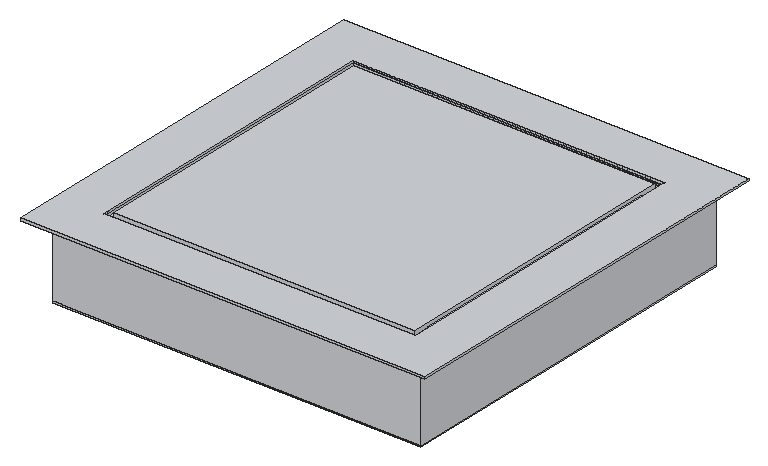
Revit family "Unterflurdose UGD250-3 für GES9_55", category Generic Models, Revit 2015
Parameters (values of type "UGD 250-3 9R")
  Width = 200 mm
  URL = "http://www.obo-bettermann.com"
  Size "a" = 262 mm
  Material = Steel, Galvanized
  Manufacturer Art. No. = "7410060"
  Manufacturer = "OBO Bettermann"
  HeightCalc = if(Height < 55 mm, 55 mm, (if(Height > 80 mm, 80 mm, Height)))  # 70 mm
  Height = 70 mm
  GTIN = "4012195678724"
  Cover size "b" = 283 mm
  Cover size "a" = 244 mm
  Article Type = "UGD55 250-3 9R"
  "B" Dimension = 367 mm
  "A" Dimension = 367 mm
Reference planes
  plane 1 "Center (Front/Back)": y = 0
  plane 2: z = 0
  plane 3 "Center (Left/Right)": x = 0
  plane 4: z = 1
  plane 5: x = -183.5
  plane 6: y = -183.5
  plane 7: x = 183.5
  plane 8: y = 183.5
  plane 9: y = -167
  plane 10: x = 167
  plane 11: y = 167
  plane 12: x = -167
  plane 13: z = 68
  plane 14: z = 70
  plane 15: x = -183.5
  plane 16: x = 183.5
  plane 17: y = 141.5
  plane 18: x = 141.5
  plane 19: x = -141.5
  plane 20: y = -141.5
  plane 21: z = 66
  plane 22: y = 131
  plane 23: y = -131
  plane 24: x = 131
  plane 25: x = -131
  plane 26: y = -136.5
  plane 27: x = 136.5
  plane 28: y = 136.5
  plane 29: x = -136.5
  plane 30: x = -142.492
  plane 31: y = -124
  plane 32: x = 142.492
  plane 33: y = 124
  plane 34: z = 67
  plane 35: x = -141.5
  plane 36: y = 122
  plane 37: x = 141.5
  plane 38: y = -122
  plane 39: x = -141.971
  plane 40: y = -122.985
  plane 41: x = 141.971
  plane 42: y = 122.985
Forms (mm)
  Extrusion 1, solid
    sketch origin (0, 0, 0) x (1, 0, 0) y (0, 1, 0)
      loop
        line (183.5, 183.5) -> (-183.5, 183.5) -> (-183.5, -183.5) -> (183.5, -183.5) -> (183.5, 183.5)
    from 0 to 1
  Extrusion 2, solid
    sketch origin (0, 0, 0) x (1, 0, 0) y (0, 1, 0)
      loop
        line (-167, 167) -> (-167, -167) -> (167, -167) -> (167, 167) -> (-167, 167)
    from 1 to 68
  Extrusion 3, solid
    sketch origin (0, 0, 0) x (1, 0, 0) y (0, 1, 0)
      loop
        line (-183.5, 183.5) -> (-183.5, -183.5) -> (183.5, -183.5) -> (183.5, 183.5) -> (-183.5, 183.5)
    from 68 to 70
  Extrusion 4, void
    sketch origin (0, 0, 0) x (1, 0, 0) y (0, 1, 0)
      loop
        line (-141.5, 141.5) -> (-141.5, -141.5) -> (141.5, -141.5) -> (141.5, 141.5) -> (-141.5, 141.5)
    from 66 to 70
  Extrusion 5, void
    sketch origin (0, 0, 0) x (1, 0, 0) y (0, 1, 0)
      loop
        line (-131, 131) -> (-131, -131) -> (131, -131) -> (131, 131) -> (-131, 131)
    from 1 to 66
  Extrusion 6, solid
    sketch origin (0, 0, 0) x (1, 0, 0) y (0, 1, 0)
      loop
        line (-136.5, 136.5) -> (-136.5, -136.5) -> (136.5, -136.5) -> (136.5, 136.5) -> (-136.5, 136.5)
    from 66 to 70
  Extrusion 7, void
    sketch origin (0, 0, 0) x (1, 0, 0) y (0, 1, 0)
      loop
        line (141.5, 122) -> (-141.5, 122) -> (-141.5, -122) -> (141.5, -122) -> (141.5, 122)
    from 66 to 67
  Extrusion 8, void
    sketch origin (0, 0, 0) x (0, 1, 0) y (0, 0, 1)
      loop
        line (-167, 1) -> (-183.5, 1) -> (-183.5, 0) -> (-167, 0) -> (-167, 1)
      loop
        line (183.5, 0) -> (183.5, 1) -> (167, 1) -> (167, 0) -> (183.5, 0)
    from -167 to 167
  Extrusion 9, void
    sketch origin (0, 0, 0) x (1, 0, 0) y (0, 0, 1)
      loop
        line (167, 1) -> (167, 0) -> (183.5, 0) -> (183.5, 1) -> (167, 1)
      loop
        line (-183.5, 0) -> (-167, 0) -> (-167, 1) -> (-183.5, 1) -> (-183.5, 0)
    from -183.5 to 183.5
Cuts and joins
  Extrusion 4, Extrusion 5, Extrusion 7, Extrusion 8, Extrusion 9 cuts Extrusion 1
  Extrusion 4, Extrusion 5 cuts Extrusion 2
  Extrusion 4 cuts Extrusion 3
  Extrusion 7 cuts Extrusion 6
Lines and regions (mm)
  model lines
    curve 1: line (-167, 167, 0) -> (167, 167, 0)
    curve 2: line (167, 167, 0) -> (167, -167, 0)
    curve 3: line (167, -167, 0) -> (-167, -167, 0)
    curve 4: line (-167, -167, 0) -> (-167, 167, 0)
    curve 5: line (-141.5, 141.5, 0) -> (141.5, 141.5, 0)
    curve 6: line (141.5, 141.5, 0) -> (141.5, -141.5, 0)
    curve 7: line (141.5, -141.5, 0) -> (-141.5, -141.5, 0)
    curve 8: line (-141.5, -141.5, 0) -> (-141.5, 141.5, 0)
    curve 9: line (-131, 131, 0) -> (131, 131, 0)
    curve 10: line (131, 131, 0) -> (131, -131, 0)
    curve 11: line (131, -131, 0) -> (-131, -131, 0)
    curve 12: line (-131, -131, 0) -> (-131, 131, 0)
    curve 13: line (-136.5, 136.5, 0) -> (136.5, 136.5, 0)
    curve 14: line (136.5, 136.5, 0) -> (136.5, -136.5, 0)
    curve 15: line (136.5, -136.5, 0) -> (-136.5, -136.5, 0)
    curve 16: line (-136.5, -136.5, 0) -> (-136.5, 136.5, 0)
    curve 17: line (-142.492, 124, 0) -> (142.492, 124, 0)
    curve 18: line (142.492, 124, 0) -> (142.492, -124, 0)
    curve 19: line (142.492, -124, 0) -> (-142.492, -124, 0)
    curve 20: line (-142.492, -124, 0) -> (-142.492, 124, 0)
    curve 21: line (141.5, 122, 0) -> (-141.5, 122, 0)
    curve 22: line (-141.5, 122, 0) -> (-141.5, -122, 0)
    curve 23: line (-141.5, -122, 0) -> (141.5, -122, 0)
    curve 24: line (141.5, -122, 0) -> (141.5, 122, 0)
    curve 25: line (141.971, 122.985, 0) -> (-141.971, 122.985, 0)
    curve 26: line (-141.971, 122.985, 0) -> (-141.971, -122.985, 0)
    curve 27: line (-141.971, -122.985, 0) -> (141.971, -122.985, 0)
    curve 28: line (141.971, -122.985, 0) -> (141.971, 122.985, 0)
Dimensions and locks
  locked: level to plane 4 at 1
  equal spacing: plane 6, plane 1 "Center (Front/Back)", plane 8
  ""A" Dimension": plane 6 to plane 8
  equal spacing: plane 5, plane 3 "Center (Left/Right)", plane 7
  ""B" Dimension": plane 5 to plane 7
  equal spacing: plane 12, plane 3 "Center (Left/Right)", plane 10
  locked: plane 9 to plane 11 at 334
  equal spacing: plane 9, plane 1 "Center (Front/Back)", plane 11
  locked: plane 12 to plane 10 at 334
  locked: plane 13 to plane 14 at 2
  equal spacing: plane 15, plane 3 "Center (Left/Right)", plane 16
  locked: plane 15 to plane 16 at 367
  equal spacing: plane 19, plane 3 "Center (Left/Right)", plane 18
  locked: plane 19 to plane 18 at 283
  equal spacing: plane 17, plane 1 "Center (Front/Back)", plane 20
  locked: plane 17 to plane 20 at 283
  "HeightCalc": level to plane 14
  locked: plane 21 to plane 14 at 4
  equal spacing: plane 25, plane 3 "Center (Left/Right)", plane 24
  "Size "a"": plane 25 to plane 24
  equal spacing: plane 22, plane 1 "Center (Front/Back)", plane 23
  "Size "a"": plane 22 to plane 23
  equal spacing: plane 29, plane 3 "Center (Left/Right)", plane 27
  locked: plane 29 to plane 27 at 273
  equal spacing: plane 28, plane 1 "Center (Front/Back)", plane 26
  locked: plane 28 to plane 26 at 273
  equal spacing: plane 33, plane 1 "Center (Front/Back)", plane 31
  locked: plane 34 to plane 14 at 3
  equal spacing: plane 35, plane 3 "Center (Left/Right)", plane 37  (x2)
  equal spacing: plane 36, plane 1 "Center (Front/Back)", plane 38
  "Cover size "a"": plane 36 to plane 38
  "Cover size "b"": plane 35 to plane 37
  equal spacing: plane 40, plane 1 "Center (Front/Back)", plane 42
  locked: plane 30 to plane 39 at 0.521
  equal spacing: plane 39, plane 3 "Center (Left/Right)", plane 41
  locked: plane 41 to plane 32 at 0.521
  equal spacing: plane 30, plane 3 "Center (Left/Right)", plane 32
  locked: plane 30 to plane 35 at 0.992
  locked: plane 33 to plane 36 at 2
  locked: plane 36 to plane 42 at 0.985
  aligned and locked: level to plane 2
  aligned and locked: plane 4 to Extrusion 1
  aligned and locked: plane 11 to curve 1
  aligned and locked: curve 2 to plane 10
  aligned and locked: plane 9 to curve 3
  aligned and locked: curve 4 to plane 12
  aligned and locked: Extrusion 2 sketch curve to curve 1
  aligned and locked: Extrusion 2 sketch curve to curve 2
  aligned and locked: Extrusion 2 sketch curve to curve 3
  aligned and locked: Extrusion 2 sketch curve to curve 4
  aligned and locked: plane 13 to Extrusion 2
  aligned and locked: Extrusion 2 to plane 4
  aligned and locked: plane 6 to Extrusion 3 sketch curve
  aligned and locked: Extrusion 3 sketch curve to plane 8
  aligned and locked: Extrusion 3 to plane 13
  aligned and locked: plane 14 to Extrusion 3
  aligned and locked: curve 5 to plane 17
  aligned and locked: curve 6 to plane 18
  aligned and locked: plane 20 to curve 7
  aligned and locked: plane 19 to curve 8
  aligned and locked: Extrusion 1 to level
  aligned and locked: Extrusion 4 sketch curve to curve 5
  aligned and locked: Extrusion 4 sketch curve to curve 6
  aligned and locked: Extrusion 4 sketch curve to curve 7
  aligned and locked: Extrusion 4 sketch curve to curve 8
  aligned and locked: plane 14 to Extrusion 4
  aligned and locked: Extrusion 4 to plane 21
  aligned and locked: curve 9 to plane 22
  aligned and locked: curve 10 to plane 24
  aligned and locked: plane 23 to curve 11
  aligned and locked: plane 25 to curve 12
  aligned and locked: Extrusion 5 sketch curve to curve 9
  aligned and locked: Extrusion 5 sketch curve to curve 12
  aligned and locked: Extrusion 5 sketch curve to curve 11
  aligned and locked: Extrusion 5 sketch curve to curve 10
  aligned and locked: plane 21 to Extrusion 5
  aligned and locked: Extrusion 5 to plane 4
  aligned and locked: curve 13 to plane 28
  aligned and locked: curve 14 to plane 27
  aligned and locked: curve 15 to plane 26
  aligned and locked: curve 16 to plane 29
  aligned and locked: Extrusion 6 sketch curve to curve 13
  aligned and locked: Extrusion 6 sketch curve to curve 16
  aligned and locked: Extrusion 6 sketch curve to curve 15
  aligned and locked: Extrusion 6 sketch curve to curve 14
  aligned and locked: Extrusion 6 to plane 21
  aligned and locked: plane 14 to Extrusion 6
  aligned and locked: curve 17 to plane 33
  aligned and locked: plane 32 to curve 18
  aligned and locked: plane 31 to curve 19
  aligned and locked: plane 30 to curve 20
  aligned and locked: curve 21 to plane 36
  aligned and locked: curve 22 to plane 35
  aligned and locked: curve 23 to plane 38
  aligned and locked: curve 24 to plane 37
  aligned and locked: Extrusion 7 sketch curve to curve 21
  aligned and locked: Extrusion 7 sketch curve to curve 22
  aligned and locked: Extrusion 7 sketch curve to curve 23
  aligned and locked: Extrusion 7 sketch curve to curve 24
  aligned and locked: Extrusion 7 to plane 21
  aligned and locked: curve 25 to plane 42
  aligned and locked: curve 26 to plane 39
  aligned and locked: curve 27 to plane 40
  aligned and locked: curve 28 to plane 41
  aligned and locked: plane 6 to Extrusion 8 sketch curve
  aligned and locked: Extrusion 8 sketch curve to plane 4
  aligned and locked: Extrusion 8 sketch curve to plane 9
  aligned and locked: level to Extrusion 8 sketch curve
  aligned and locked: Extrusion 8 sketch curve to plane 8
  aligned and locked: plane 4 to Extrusion 8 sketch curve
  aligned and locked: plane 11 to Extrusion 8 sketch curve
  aligned and locked: Extrusion 8 sketch curve to level
  aligned and locked: Extrusion 9 sketch curve to plane 7
  aligned and locked: plane 4 to Extrusion 9 sketch curve
  aligned and locked: Extrusion 9 sketch curve to plane 10
  aligned and locked: Extrusion 9 sketch curve to level
  aligned and locked: Extrusion 9 sketch curve to plane 4
  aligned and locked: Extrusion 9 sketch curve to plane 12
  aligned and locked: level to Extrusion 9 sketch curve
  aligned and locked: plane 5 to Extrusion 9 sketch curve
  aligned and locked: Extrusion 9 to Extrusion 1  (x2)
Automatic sketch dimensions
  Extrusion 3 sketch curve to plane 15 = 0 mm
  Extrusion 3 sketch curve to plane 16 = 0 mm
  Extrusion 1 sketch curve to plane 6 = 0 mm
  Extrusion 1 sketch curve to plane 5 = 0 mm
  Extrusion 1 sketch curve to plane 7 = 0 mm
  plane 8 to Extrusion 1 sketch curve = 0 mm
